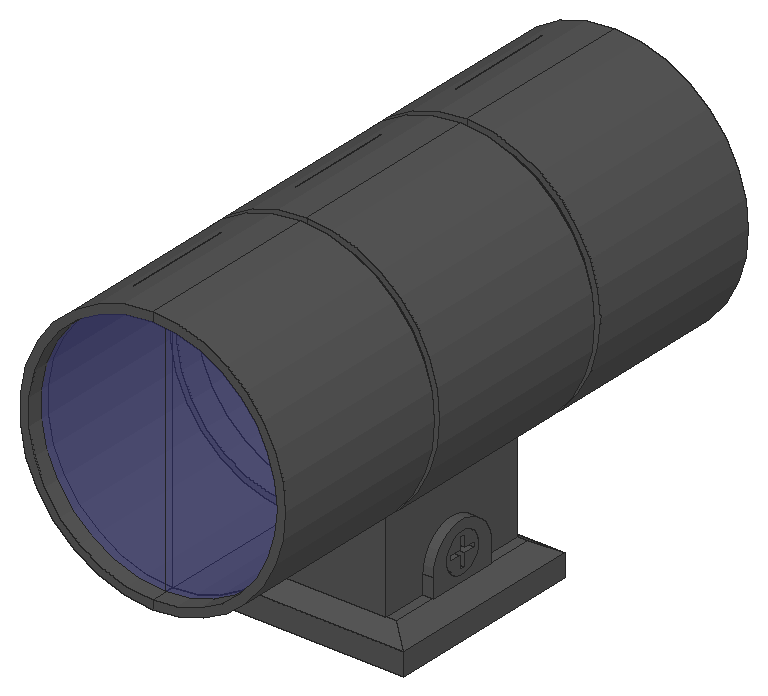
Revit family "CARLO CYLINDER LIGHT WALL MOUNT", category Lighting Fixtures, host Face, Revit 2020 (continued)
Types (10): name | Wattage_Input | Wattage Comments | Wattage | Photometric Web File | built-in parameter 1150142 | Model | built-in parameter 1150105 | Lumens | Light Length 1 | LIGHT RADIUS | LIGHT PLACEMENT | LIGHT LENGTH | LIGHT DIA | built-in parameter 1150106 | FIXED END HEIGHT | Curve base Height | Base Curve | BEAMING ANGLE | Apparent Load
    1.23 327.22 323.83 \r\n 320.77 317.9 315.1 312.28 309.2 305.22 301.38 298.73 296.51 294.26 \r\n 292.06 289.91 287.6 285.22 281.85 277.17 269.4 256.1 238.86 217.93 \r\n 194.9 171.29 147.6 125.16 103.03 79.665 58.172 41.123 28.564 22.439 \r\n 19.626 17.658 16.508 15.19 14.117 13.44 12.962 12.532 12.164 11.831 \r\n 11.501 11.12 10.734 10.381 10.037 9.6875 9.3388 8.9901 8.6471 8.3165 \r\n 7.9947 7.6829 7.3742 7.0602 6.7462 6.4324 6.1259 5.8402 5.5563 5.251 \r\n 4.9503 4.6812 4.4177 4.1321 3.8558 3.6216 3.3979 3.1547 2.9194 2.7168 \r\n 2.5244 2.3238 2.1282 1.946 1.7736 1.6106 1.4558 1.3046 1.1669 1.0552 \r\n 0.95699 0.86101 0.77603 0.70967 0.65424 0.60416 0.56071 0.52361 0.49192 0.46489 \r\n 0.44163 0.42134 0.40298 0.3868 0.37122 0.35522 0.33747 0.31414 0.29165 0.27591 \r\n 0.26458 0.25764 0.25391 0.25275 0.25258 0.25244 0.24985 0.24162 0.22888 0.21565 \r\n 0.19014 0.13124 0.070964 0.039911 0.021139 0.0075737 0.00020996 0 0 0 \r\n 0 0 0 0 0.00011113 0.0027969 0.010031 0.021651 0.046531 0.1039 \r\n 0.16253 0.19187 0.20916 0.22139 0.22875 0.23342 0.23643 0.23943 0.24278 0.24717 \r\n 0.25335 0.26206 0.27402 0.29132 0.31067 0.32931 0.34788 0.36613 0.38396 0.40023 \r\n 0.41781 0.43934 0.46435 0.49297 0.52602 0.5643 0.60807 0.66194 0.72667 0.8051 \r\n 0.89555 0.99535 1.1102 1.2483 1.3995 1.5556 1.7187 1.8874 2.0649 2.2568 \r\n 2.4549 2.6484 2.8508 3.077 3.3113 3.5354 3.771 4.0423 4.3226 4.5857 \r\n 4.8546 5.1509 5.4526 5.7392 6.0274 6.3303 6.639 6.948 7.2595 7.5727 \r\n 7.891 8.2189 8.553 8.8905 9.2338 9.5898 9.9425 10.269 10.597 10.957 \r\n 11.323 11.676 12.026 12.347 12.731 13.208 13.939 15.203 16.68 17.829 \r\n 19.592 21.776 27.249 39.595 56.47 77.397 100.37 122.96 145.97 169.92 \r\n 193.32 214.76 234.53 253.32 268.56 276.73 281.37 284.78 287.14 289.41 \r\n 291.51 293.65 295.85 298.02 300.58 304.19 308 311.25 314.28 317.12 \r\n 319.96 323.04 326.34 329.82 333.72 338.31 343.41 348.63 354.85 362.92 \r\n 372.52 383.5 396.32 411.24 428.66 448.92 472.47 499.65 531.19 568.11 \r\n 609.88 656.71 707.33 760.58 816.24 873.87 932.98 993.46 1053.6 1111.5 \r\n 1167.9 1223.7 1277.6 1327.7 1375.8 1423.1 1468.9 1512.9 1555.4 1597.2 \r\n 1637.8 1677.7 1715.5 1749.8 1781.2 1809.8 1835.8 1859.5 1881.5 1902.8 \r\n 1922.7 1940.4 1956.3 1970.5 1982.5 1991.8 1999.2 2005.3 2009.8 2012.5 \r\n 2013.2 \r\n2008.1 2012.8 2010.5 2006 1999.9 1992.8 1983.8 1972 1958.1 1942.8 \r\n 1925.7 1906 1884.6 1862.5 1838.7 1812.1 1783.1 1752 1718.1 1680.2 \r\n 1640.1 1598.9 1556.8 1514.3 1470.5 1424.2 1376.5 1328.6 1278.7 1225.1 \r\n 1169.3 1112.2 1053.8 994.18 934.21 874.55 816.23 760.47 707.3 656.73 \r\n 610.01 568.5 531.84 500.52 473.43 449.61 429.06 411.65 396.85 384.15 \r\n 373.31 363.91 356.01 349.81 344.49 339.11 334.2 330.07 326.45 323.21 \r\n 320.23 317.44 314.63 311.61 308.35 304.51 300.86 298.31 296.14 293.91 \r\n 291.72 289.57 287.26 284.93 281.5 276.5 268.26 254.3 236.56 215.81 \r\n 193.1 169.47 145.7 123.22 101.08 77.835 56.515 39.636 27.336 21.739 \r\n 19.405 17.531 16.341 14.994 13.886 13.201 12.736 12.358 12.039 11.703 \r\n 11.364 11.002 10.641 10.312 9.984 9.63 9.2727 8.9275 8.5882 8.2528 \r\n 7.9238 7.6053 7.2913 6.9762 6.6631 6.3504 6.0466 5.7672 5.4898 5.1889 \r\n 4.8902 4.6174 4.3506 4.0697 3.7986 3.5627 3.3374 3.0991 2.8694 2.6682 \r\n 2.4764 2.2775 2.0842 1.905 1.7356 1.5756 1.423 1.2726 1.1347 1.0208 \r\n 0.9219 0.83232 0.75336 0.68388 0.62543 0.58276 0.5451 0.51073 0.48087 0.45698 \r\n 0.43661 0.41779 0.4005 0.38446 0.36844 0.35144 0.33247 0.30779 0.28458 0.26996 \r\n 0.26031 0.25471 0.25213 0.25183 0.25205 0.25155 0.2481 0.23896 0.22434 0.20595 \r\n 0.17662 0.12105 0.065353 0.035029 0.016566 0.005337 0.00018367 0 0 0 \r\n 0 0 0 0 0.00018367 0.005337 0.016566 0.035029 0.065353 0.12105 \r\n 0.17662 0.20595 0.22434 0.23896 0.2481 0.25155 0.25205 0.25183 0.25213 0.25471 \r\n 0.26031 0.26996 0.28458 0.30779 0.33247 0.35144 0.36844 0.38446 0.4005 0.41779 \r\n 0.43661 0.45698 0.48087 0.51073 0.5451 0.58276 0.62543 0.68388 0.75336 0.83232 \r\n 0.9219 1.0208 1.1347 1.2726 1.423 1.5756 1.7356 1.905 2.0842 2.2775 \r\n 2.4764 2.6682 2.8694 3.0991 3.3374 3.5627 3.7986 4.0697 4.3506 4.6174 \r\n 4.8902 5.1889 5.4898 5.7672 6.0466 6.3504 6.6631 6.9762 7.2913 7.6053 \r\n 7.9238 8.2528 8.5882 8.9275 9.2727 9.63 9.984 10.312 10.641 11.002 \r\n 11.364 11.703 12.039 12.358 12.736 13.201 13.886 14.994 16.341 17.531 \r\n 19.405 21.739 27.336 39.636 56.515 77.835 101.08 123.22 145.7 169.47 \r\n 193.1 215.81 236.56 254.3 268.26 276.5 281.5 284.93 287.26 289.57 \r\n 291.72 293.91 296.14 298.31 300.86 304.51 308.35 311.61 314.63 317.44 \r\n 320.23 323.21 326.45 330.07 334.2 339.11 344.49 349.81 356.01 363.91 \r\n 373.31 384.15 396.85 411.65 429.06 449.61 473.43 500.52 531.84 568.5 \r\n 610.01 656.73 707.3 760.47 816.23 874.55 934.21 994.18 1053.8 1112.2 \r\n 1169.3 1225.1 1278.7 1328.6 1376.5 1424.2 1470.5 1514.3 1556.8 1598.9 \r\n 1640.1 1680.2 1718.1 1752 1783.1 1812.1 1838.7 1862.5 1884.6 1906 \r\n 1925.7 1942.8 1958.1 1972 1983.8 1992.8 1999.9 2006 2010.5 2012.8 \r\n 2013.2 \r\n2008.1 2012.5 2009.8 2005.3 1999.2 1991.8 1982.5 1970.5 1956.3 1940.4 \r\n 1922.7 1902.8 1881.5 1859.5 1835.8 1809.8 1781.2 1749.8 1715.5 1677.7 \r\n 1637.8 1597.2 1555.4 1512.9 1468.9 1423.1 1375.8 1327.7 1277.6 1223.7 \r\n 1167.9 1111.5 1053.6 993.46 932.98 873.87 816.24 760.58 707.33 656.71 \r\n 609.88 568.11 531.19 499.65 472.47 448.92 428.66 411.24 396.32 383.5 \r\n 372.52 362.92 354.85 348.63 343.41 338.31 333.72 329.82 326.34 323.04 \r\n 319.96 317.12 314.28 311.25 308 304.19 300.58 298.02 295.85 293.65 \r\n 291.51 289.41 287.14 284.78 281.37 276.73 268.56 253.32 234.53 214.76 \r\n 193.32 169.92 145.97 122.96 100.37 77.397 56.47 39.595 27.249 21.776 \r\n 19.592 17.829 16.68 15.203 13.939 13.208 12.731 12.347 12.026 11.676 \r\n 11.323 10.957 10.597 10.269 9.9425 9.5898 9.2338 8.8905 8.553 8.2189 \r\n 7.891 7.5727 7.2595 6.948 6.639 6.3303 6.0274 5.7392 5.4526 5.1509 \r\n 4.8546 4.5857 4.3226 4.0423 3.771 3.5354 3.3113 3.077 2.8508 2.6484 \r\n 2.4549 2.2568 2.0649 1.8874 1.7187 1.5556 1.3995 1.2483 1.1102 0.99535 \r\n 0.89555 0.8051 0.72667 0.66194 0.60807 0.5643 0.52602 0.49297 0.46435 0.43934 \r\n 0.41781 0.40023 0.38396 0.36613 0.34788 0.32931 0.31067 0.29132 0.27402 0.26206 \r\n 0.25335 0.24717 0.24278 0.23943 0.23643 0.23342 0.22875 0.22139 0.20916 0.19187 \r\n 0.16253 0.1039 0.046531 0.021651 0.010031 0.0027969 0.00011113 0 0 0 \r\n 0 0 0 0 0.00020996 0.0075737 0.021139 0.039911 0.070964 0.13124 \r\n 0.19014 0.21565 0.22888 0.24162 0.24985 0.25244 0.25258 0.25275 0.25391 0.25764 \r\n 0.26458 0.27591 0.29165 0.31414 0.33747 0.35522 0.37122 0.3868 0.40298 0.42134 \r\n 0.44163 0.46489 0.49192 0.52361 0.56071 0.60416 0.65424 0.70967 0.77603 0.86101 \r\n 0.957 1.0552 1.1669 1.3046 1.4558 1.6106 1.7736 1.946 2.1282 2.3238 \r\n 2.5244 2.7168 2.9194 3.1547 3.3979 3.6216 3.8558 4.1321 4.4177 4.6812 \r\n 4.9503 5.251 5.5563 5.8402 6.1259 6.4324 6.7462 7.0602 7.3742 7.6829 \r\n 7.9947 8.3165 8.6471 8.9901 9.3388 9.6875 10.037 10.381 10.734 11.12 \r\n 11.501 11.831 12.164 12.532 12.962 13.44 14.117 15.19 16.508 17.658 \r\n 19.626 22.439 28.564 41.123 58.172 79.665 103.03 125.16 147.6 171.29 \r\n 194.9 217.93 238.86 256.1 269.4 277.17 281.85 285.22 287.6 289.91 \r\n 292.06 294.26 296.51 298.73 301.38 305.22 309.2 312.28 315.1 317.9 \r\n 320.77 323.83 327.22 331.23 335.61 340.17 345.07 350.06 356.13 364.37 \r\n 374.19 385.11 397.86 412.82 430.46 451.33 475.6 503.35 535.45 572.99 \r\n 615.38 662.78 713.98 767.95 824.31 882.64 942.06 1001.7 1061.2 1119.6 \r\n 1176.7 1231.7 1284.5 1334.2 1382.1 1429.5 1475.5 1519.7 1562.4 1604.3 \r\n 1645.1 1685 1722.8 1756.6 1787.5 1815.6 1841.3 1864.6 1886.1 1907.1 \r\n 1926.5 1943.5 1958.7 1972.5 1984.3 1993.1 2000.1 2006.1 2010.5 2012.8 \r\n 2013.2 \r\n2008.1 2012.1 2009.2 2004.6 1998.4 1990.8 1981.3 1969 1954.6 1938.3 \r\n 1920.1 1900.1 1878.8 1856.7 1833.1 1807.4 1779.1 1747.4 1712.8 1675 \r\n 1635.4 1595.1 1553.6 1511 1467 1421.6 1374.6 1326.4 1276 1221.9 \r\n 1166 1110.1 1052.7 992.2 931.39 872.73 815.64 760.09 706.83 656.21 \r\n 609.33 567.41 530.32 498.67 471.48 448.15 428.12 410.71 395.72 382.82 \r\n 371.73 361.98 353.81 347.55 342.39 337.53 333.22 329.51 326.14 322.82 \r\n 319.68 316.8 313.94 310.89 307.65 303.87 300.29 297.73 295.56 293.39 \r\n 291.28 289.21 286.96 284.58 281.18 276.79 268.64 252.39 232.77 213.68 \r\n 193.18 169.96 145.91 122.51 99.593 76.833 56.223 39.415 27.106 21.769 \r\n 19.722 18.043 16.919 15.347 13.969 13.207 12.725 12.335 12.011 11.65 \r\n 11.288 10.921 10.562 10.235 9.9103 9.559 9.2043 8.862 8.5255 8.1926 \r\n 7.866 7.5489 7.237 6.9273 6.6202 6.3147 6.0128 5.7181 5.4247 5.1221 \r\n 4.8273 4.5615 4.3015 4.0218 3.7505 3.5153 3.2921 3.0608 2.837 2.6337 \r\n 2.4389 2.2416 2.0509 1.8745 1.7063 1.5411 1.3828 1.231 1.0926 0.97714 \r\n 0.87679 0.78585 0.70788 0.6465 0.59583 0.55127 0.51261 0.48067 0.45308 0.42714 \r\n 0.4046 0.38784 0.37223 0.35294 0.3329 0.31306 0.29467 0.27951 0.26688 0.2569 \r\n 0.24881 0.24208 0.23622 0.23058 0.22516 0.22009 0.21436 0.20842 0.19799 0.18101 \r\n 0.1512 0.090459 0.032182 0.011532 0.0051262 0.000904 0.000057 0 0 0 \r\n 0 0 0 0 0.00022461 0.0090093 0.024115 0.043184 0.074907 0.13868 \r\n 0.20003 0.22236 0.2314 0.24264 0.25018 0.25205 0.25188 0.25238 0.25426 0.25895 \r\n 0.26701 0.27969 0.29628 0.31806 0.34023 0.35715 0.37253 0.38783 0.40418 0.42344 \r\n 0.44496 0.47044 0.49986 0.53297 0.57219 0.62123 0.67595 0.72934 0.79368 0.88368 \r\n 0.98506 1.0833 1.1938 1.3316 1.4835 1.6402 1.8057 1.9811 2.166 2.3629 \r\n 2.5646 2.7586 2.9636 3.2033 3.4503 3.6742 3.9085 4.1893 4.4788 4.7406 \r\n 5.0076 5.3104 5.6196 5.9089 6.1999 6.51 6.8261 7.1408 7.4537 7.7582 \r\n 8.0652 8.3836 8.7128 9.0595 9.4113 9.7537 10.1 10.46 10.833 11.237 \r\n 11.632 11.954 12.286 12.691 13.161 13.651 14.325 15.375 16.676 17.788 \r\n 19.841 23.101 29.726 42.57 59.81 81.429 104.87 127.05 149.5 173.11 \r\n 196.66 219.79 240.74 257.63 270.49 277.85 282.21 285.53 287.94 290.25 \r\n 292.4 294.6 296.87 299.15 301.88 305.89 309.97 312.92 315.57 318.38 \r\n 321.32 324.44 327.96 332.27 336.84 341.11 345.62 350.37 356.35 364.87 \r\n 375.03 386.05 398.86 413.99 431.87 453.03 477.7 506.09 538.93 577.28 \r\n 620.46 668.48 720.26 774.93 831.81 890.13 949.34 1008.8 1068 1126.4 \r\n 1183.3 1237.8 1289.9 1339.4 1387.2 1434.4 1480.3 1524.7 1567.8 1609.5 \r\n 1650 1689.8 1727.4 1761.2 1791.8 1819.3 1844.2 1867 1888.1 1908.6 \r\n 1927.6 1944.5 1959.6 1973.3 1984.9 1993.6 2000.4 2006.2 2010.5 2012.8 \r\n 2013.2 \r\n2008.1 2011.7 2008.5 2003.9 1997.6 1989.8 1980 1967.7 1953.1 1936.4 \r\n 1917.9 1897.8 1876.3 1854.2 1830.5 1805 1776.8 1744.9 1709.9 1672.2 \r\n 1632.6 1592.6 1551.4 1508.8 1464.8 1419.7 1373 1324.6 1274 1219.7 \r\n 1163.7 1108.1 1051 990.38 929.43 871.13 814.44 759.02 705.8 655.24 \r\n 608.36 566.38 529.23 497.59 470.47 447.3 427.43 410.06 395.05 382.09 \r\n 370.93 361.1 352.87 346.57 341.44 336.77 332.67 329.11 325.85 322.54 \r\n 319.37 316.48 313.61 310.55 307.3 303.56 300.01 297.45 295.27 293.12 \r\n 291.03 288.98 286.74 284.34 280.92 276.66 268.48 251.51 231.27 212.58 \r\n 192.65 169.58 145.49 121.86 98.748 76.144 55.774 39.098 26.905 21.718 \r\n 19.797 18.175 17.056 15.424 13.977 13.2 12.717 12.322 11.994 11.628 \r\n 11.262 10.895 10.538 10.211 9.8873 9.5374 9.1841 8.842 8.5058 8.174 \r\n 7.849 7.5339 7.2238 6.914 6.6068 6.3035 6.0027 5.704 5.406 5.1025 \r\n 4.8084 4.5448 4.2873 4.0083 3.7373 3.5024 3.2799 3.0503 2.828 2.6241 \r\n 2.4285 2.2319 2.0422 1.8665 1.6983 1.5323 1.3729 1.2206 1.082 0.96619 \r\n 0.86565 0.77458 0.69701 0.63843 0.58872 0.54369 0.50486 0.47384 0.44705 0.42039 \r\n 0.39699 0.38063 0.36531 0.34488 0.32352 0.3027 0.28444 0.27239 0.26316 0.25448 \r\n 0.24668 0.23942 0.23245 0.22529 0.21824 0.21157 0.20491 0.20005 0.19084 0.17337 \r\n 0.14263 0.080733 0.022309 0.0046751 0.0018519 0 0.000020 0 0 0 \r\n 0 0 0 0 0.00022758 0.0096416 0.025488 0.044843 0.077178 0.14335 \r\n 0.20627 0.22607 0.23189 0.24202 0.24906 0.25038 0.24994 0.25071 0.25317 0.25865 \r\n 0.26759 0.28129 0.29847 0.31955 0.34072 0.3572 0.37236 0.38755 0.40409 0.4241 \r\n 0.44659 0.47363 0.50471 0.53881 0.57952 0.63247 0.69054 0.74286 0.80628 0.90033 \r\n 1.0061 1.105 1.2153 1.3535 1.5062 1.6644 1.8319 2.0101 2.1976 2.3948 \r\n 2.5969 2.7936 3.002 3.2448 3.4947 3.7204 3.9566 4.2412 4.534 4.7955 \r\n 5.0621 5.3671 5.6798 5.9732 6.2688 6.5834 6.9028 7.2181 7.5298 7.8312 \r\n 8.1354 8.454 8.7851 9.1354 9.4901 9.8289 10.175 10.548 10.938 11.355 \r\n 11.757 12.074 12.404 12.836 13.333 13.834 14.511 15.551 16.844 17.921 \r\n 20.052 23.724 30.82 43.975 61.429 83.126 106.59 128.87 151.37 174.93 \r\n 198.36 221.38 242.2 258.9 271.51 278.54 282.61 285.85 288.27 290.57 \r\n 292.72 294.93 297.22 299.55 302.36 306.5 310.67 313.52 316.06 318.87 \r\n 321.87 325.05 328.65 333.18 337.88 341.93 346.15 350.73 356.67 365.4 \r\n 375.83 386.94 399.85 415.17 433.3 454.71 479.75 508.73 542.27 581.36 \r\n 625.25 673.84 726.13 781.4 838.72 897.01 956.03 1015.4 1074.5 1132.7 \r\n 1189.3 1243.2 1294.9 1344.2 1392 1438.9 1484.7 1529.4 1572.8 1614.5 \r\n 1654.9 1694.6 1732 1765.7 1796.2 1823.1 1847.5 1869.8 1890.5 1910.5 \r\n 1929.1 1945.8 1960.8 1974.3 1985.7 1994.2 2000.7 2006.5 2010.7 2012.9 \r\n 2013.2 \r\n2008.1 2011.2 2007.9 2003.1 1996.8 1988.8 1978.8 1966.4 1951.8 1934.8 \r\n 1916 1895.8 1874.2 1851.9 1828 1802.5 1774.4 1742.1 1706.9 1669.1 \r\n 1629.6 1589.7 1548.7 1506.2 1462.3 1417.4 1370.8 1322.3 1271.5 1217 \r\n 1161 1105.5 1048.7 988.03 927.11 869.05 812.64 757.36 704.24 653.78 \r\n 606.98 565.02 527.91 496.4 469.42 446.37 426.6 409.29 394.32 381.33 \r\n 370.12 360.28 352.03 345.69 340.55 336.01 332.09 328.65 325.46 322.2 \r\n 319.04 316.16 313.3 310.22 306.96 303.25 299.74 297.17 294.98 292.84 \r\n 290.76 288.72 286.47 284.04 280.59 276.36 268.1 250.68 230.04 211.46 \r\n 191.76 168.79 144.74 121.02 97.838 75.329 55.123 38.643 26.648 21.622 \r\n 19.815 18.223 17.093 15.436 13.962 13.185 12.707 12.308 11.975 11.608 \r\n 11.242 10.878 10.523 10.197 9.8736 9.5253 9.1733 8.8307 8.4938 8.1631 \r\n 7.8399 7.5279 7.22 6.9083 6.5989 6.2968 5.9973 5.6968 5.3967 5.0921 \r\n 4.7978 4.5357 4.2799 4.0018 3.7313 3.4968 3.2746 3.0457 2.8239 2.6196 \r\n 2.4236 2.2277 2.0388 1.8631 1.6949 1.5291 1.3698 1.2172 1.0783 0.96248 \r\n 0.86213 0.77159 0.69458 0.63666 0.58674 0.54155 0.50277 0.47248 0.44627 0.41908 \r\n 0.39498 0.3786 0.3632 0.34196 0.31973 0.29823 0.28001 0.26994 0.26285 0.2548 \r\n 0.24695 0.2392 0.23146 0.22355 0.21568 0.20786 0.20043 0.1963 0.18771 0.16896 \r\n 0.13681 0.074725 0.016914 0.001081 0.00020926 0 0.000002 0 0 0 \r\n 0 0 0 0 0.00021887 0.0094688 0.025256 0.044885 0.077771 0.14525 \r\n 0.20886 0.22678 0.23034 0.23975 0.24651 0.24741 0.24677 0.24774 0.25064 0.25673 \r\n 0.26633 0.28071 0.29822 0.3186 0.33896 0.35538 0.37071 0.38596 0.40271 0.42332 \r\n 0.4465 0.47444 0.50644 0.54111 0.5827 0.63788 0.698 0.75024 0.81384 0.91095 \r\n 1.02 1.1204 1.2315 1.3704 1.5238 1.6831 1.8522 2.0332 2.223 2.4196 \r\n 2.6214 2.8219 3.0346 3.2792 3.5309 3.7601 4.0003 4.2879 4.5832 4.8459 \r\n 5.1137 5.4211 5.7367 6.0332 6.3324 6.6524 6.9763 7.292 7.6025 7.9017 \r\n 8.2051 8.5279 8.8642 9.218 9.5752 9.9129 10.26 10.645 11.048 11.472 \r\n 11.877 12.19 12.52 12.965 13.479 13.989 14.673 15.715 17.014 18.058 \r\n 20.259 24.306 31.846 45.337 63.027 84.755 108.21 130.62 153.23 176.74 \r\n 200.01 222.71 243.23 259.89 272.47 279.23 283.02 286.19 288.59 290.88 \r\n 293.03 295.24 297.55 299.94 302.82 307.07 311.31 314.1 316.56 319.39 \r\n 322.42 325.64 329.31 333.96 338.74 342.63 346.65 351.14 357.08 365.97 \r\n 376.58 387.81 400.84 416.37 434.74 456.37 481.73 511.27 545.47 585.23 \r\n 629.74 678.84 731.59 787.36 845.03 903.28 962.14 1021.5 1080.5 1138.4 \r\n 1194.7 1248.1 1299.3 1348.6 1396.3 1443.1 1488.9 1533.8 1577.5 1619.3 \r\n 1659.7 1699.3 1736.6 1770.2 1800.6 1827.1 1851 1873 1893.3 1912.9 \r\n 1931 1947.5 1962.3 1975.5 1986.7 1994.9 2001.2 2006.8 2010.9 2013 \r\n 2013.2 \r\n2008.1 2010.8 2007.1 2002.2 1995.8 1987.7 1977.6 1965.1 1950.5 1933.6 \r\n 1914.7 1894.3 1872.5 1849.7 1825.5 1799.6 1771.2 1738.7 1703.4 1665.4 \r\n 1625.8 1585.8 1544.8 1502.5 1458.9 1414 1367.4 1318.9 1267.9 1213.3 \r\n 1157.1 1101.6 1044.8 984.46 923.93 865.97 809.62 754.54 701.65 651.41 \r\n 604.82 563.05 526.16 494.99 468.3 445.3 425.52 408.34 393.48 380.52 \r\n 369.31 359.53 351.31 344.88 339.66 335.19 331.36 327.97 324.85 321.69 \r\n 318.63 315.82 312.99 309.89 306.61 302.93 299.45 296.87 294.67 292.53 \r\n 290.44 288.38
